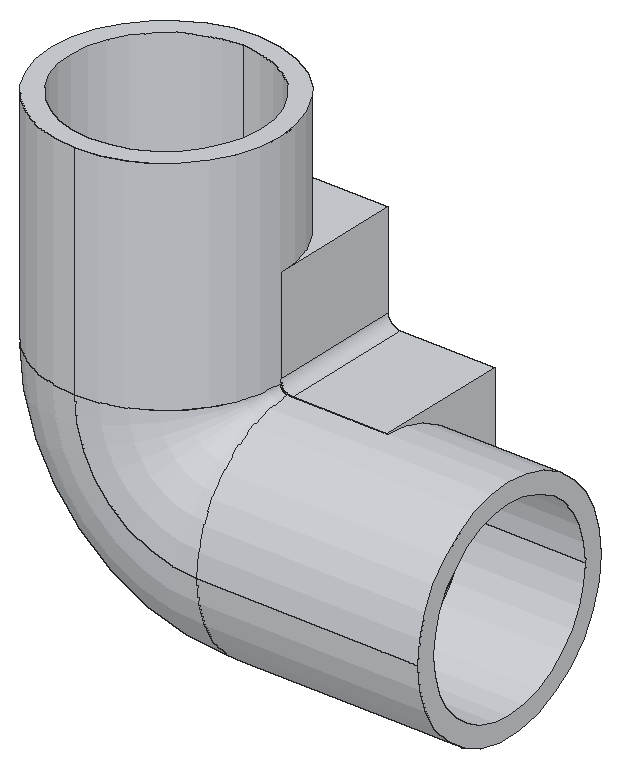
Revit family "PIE25W", category Generic Models, Revit 2017
Family settings
  Can host rebar = No
  Round Connector Dimension = Use Diameter
  Part Type = Normal
  Work Plane-Based = Yes
  Always vertical = No
  Cut with Voids When Loaded = No
  Shared = No
  Room Calculation Point = No
Parameters (values of type "NBS Standard Parameters")
  Weight = "0.046Kg"
  WarrantyStartDate [instance] = "1900-12-31T23:59:59"
  WarrantyGuarantorParts = "n/a"
  WarrantyGuarantorLabor = "n/a"
  WarrantyDurationUnit = "1 year"
  WarrantyDurationParts = "n/a"
  WarrantyDurationLabor = "n/a"
  WarrantyDescription = "n/a"
  Version = "1"
  Uniclass2 = "Pr_65_70_11_20"
  TagNumber [instance] = "n/a"
  SustainabilityPerformance = "n/a"
  Size = "25mm"
  Shape = "n/a"
  SerialNumber [instance] = "n/a"
  Revision = "n/a"
  ReplacementCost = "n/a"
  ProductInformation = "www.metpro.co.uk/pdf/pie25w.pdf"
  NominalWidth = 62.5 mm
  NominalLength = 62.5 mm
  NominalHeight = 32 mm
  Name = ""
  NBSTypeID = ""
  NBSReference = "90-55-10/460"
  NBSOfficeMasterTag = ""
  NBSNote = ""
  NBSDescription = "Conduit Fittings"
  NBSCertification = ""
  ModelReference = "PIE25W"
  ModelNumber = "n/a"
  Material = "PVC"
  ManufacturerURL = "www.metpro.co.uk"
  ManufacturerName = "Metpro Ltd"
  Keynote = "Manufactured to BS4607 Part 1"
  InstallationDate [instance] = "1900-12-31T23:59:59"
  IfcExportType = ""
  IfcExportAs = ""
  Grade = "n/a"
  Finish = "White"
  Features = "n/a"
  ExpectedLife = "n/a"
  DurationUnit = "year"
  Description = "PIE25W-  PVC 25mm Conduit Inspection Elbow"
  Default Elevation = 1219.2 mm
  Constituents = "n/a"
  Color = "n/a"
  CodePerformance = "n/a"
  Category = "n/a"
  BarCode [instance] = "n/a"
  BIMObjectName = "Metpro_Metprolibrary_Conduitfittings_pvccomponents_accessory"
  Author = "Metpro Ltd"
  AssetType = ""
  AssetIdentifier [instance] = "n/a"
  AccessibilityPerformance = "n/a"
Reference planes
  plane 1 "Center (Front/Back)": y = 0
  plane 2: z = 0
  plane 3 "Center (Left/Right)": x = 0
Forms (mm)
  Sweep 1, solid
    path origin (-62.284, 206.542, 33.272) x (1, 0, 0) y (0, 0, 1)
      loop
        line (17.245, 10.728) -> (-11.755, 10.728)
        arc (-11.755, 10.728) -> (-23.069, 15.414) -> (-27.755, 26.728) r 16
        line (-27.755, 26.728) -> (-27.755, 55.728)
    profile origin (-59.539, 206.542, 44) x (0, 0, -1) y (0, -1, 0)
      loop
        circle (0, 0) r 12.5
      loop
        circle (0, 0) r 15
  Extrusion 2, solid
    sketch origin (-62.284, 206.542, 33.272) x (1, 0, 0) y (0, 0, 1)
      loop
        line (1.245, -4.272) -> (1.245, 25.728) -> (-11.144, 25.728)
        arc (-11.144, 25.728) -> (-12.283, 26.199) -> (-12.755, 27.338) r 1.611
        line (-12.755, 27.338) -> (-12.755, 39.728) -> (-42.755, 39.728) -> (-42.755, 25.728)
        arc (-42.755, 25.728) -> (-33.968, 4.514) -> (-12.755, -4.272) r 30
        line (-12.755, -4.272) -> (1.245, -4.272)
    from 0 to -17.612
  Sweep 3, void
    path origin (-62.284, 206.542, 33.272) x (1, 0, 0) y (0, 0, 1)
      loop
        line (-27.755, 55.728) -> (-27.755, 26.728)
        arc (-27.755, 26.728) -> (-23.069, 15.414) -> (-11.755, 10.728) r 16
        line (-11.755, 10.728) -> (19.691, 10.728)
    profile origin (-90.039, 206.542, 74.5) x (0, -1, 0) y (1, 0, 0)
      loop
        circle (0, 0) r 12.5
  Extrusion 4, solid
    sketch origin (-62.284, 224.154, 33.272) x (-1, 0, 0) y (0, 0, 1)
      loop
        circle (39.675, 37.065) r 1.654
      loop
        circle (2.335, -1.612) r 2.212
    from 0 to 1.2
  Extrusion 5, void
    sketch origin (-62.284, 224.154, 33.272) x (1, 0, 0) y (0, 0, 1)
      loop
        line (-37.233, 37.473) -> (-42.233, 37.473) -> (-42.233, 36.473) -> (-37.233, 36.473) -> (-37.233, 37.473)
      loop
        line (-1.677, 1.269) -> (-2.844, 1.269) -> (-2.844, -5.591) -> (-1.677, -5.591) -> (-1.677, 1.269)
    from -0.81 to -5
Cuts and joins
  Sweep 3, Extrusion 5 cuts Sweep 1
  Sweep 3, Extrusion 5 cuts Extrusion 2
  Extrusion 5 cuts Extrusion 4
Dimensions and locks
  aligned and locked: level to plane 2
